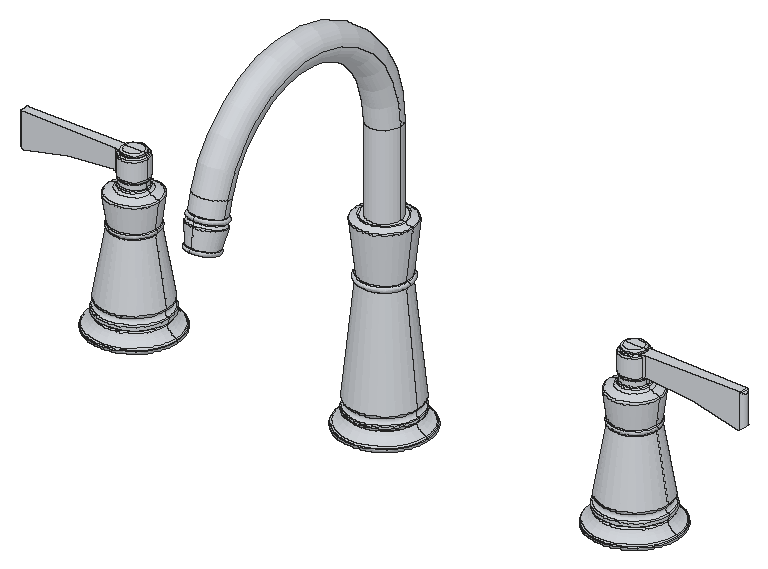
Revit family "Faucet-Deck_Mount-Bath-KOHLER-ARCHER-K-7501T", category Plumbing Fixtures, host Face, Revit 2017
Family settings
  Host = Face
  Round Connector Dimension = Use Diameter
  Part Type = Normal
  OmniClass Number = 23.31.11.00
  OmniClass Title = Faucets
  Cut with Voids When Loaded = No
  Shared = No
  Room Calculation Point = No
Parameters (values of type "CP-Polished Chrome")
  Width [instance] = Faucet Hole Spacing  # 15.74803"
  WaterSense Certified = 1 = 0  # no
  Waste Water Outlet = "Waste Water Outlet"  # constant formula
  Waste Connection = 1 = 0  # no
  Vent Connection = 1 = 0  # no
  URL = "http://www.kohler.com.cn/"
  Type = 1
  Spout Reach = 7.16535"  # constant formula
  Product Page URL = "https://www.kohler.com.cn/product/K-7501T-4-CP/K-7501T-4-CP/"
  Product Name = "ARCHER"  # constant formula
  Product Documentation Link = "https://files.kohler.com.cn/pdfs/7501t_4.pdf"
  Pressure = 60.00 psi  # constant formula
  Model = if(Type = 1, "K-7501T-4-CP", if(Type = 2, "K-7501T-4-AF", if(Type = 3, "K-7501T-4-BN", "NA")))  # "K-7501T-4-CP"
  Material = "Premium Metal Construction"  # constant formula
  Master Format 2014 Name = "Residential Faucets, Supplies, and Trim"  # constant formula
  Master Format 2014 = "22 41 39"  # constant formula
  Manufacturer Address = "Kohler Beijing Office (100016) 36-2-03-B, No. 88, Liuxiang Road, Beijing"  # constant formula
  Manufacturer = "KOHLER Co."  # constant formula
  Length = Spout Reach  # 7.16535"
  Hot Water Inlet = "Hot Water Inlet"  # constant formula
  Height = 12.55906"  # constant formula
  Handle Clearance = 3.54331"  # constant formula
  HW Connection = 1 = 1  # yes
  Flow Rate = 2.2 GPM  # constant formula
  Finish = Kohler-Metal-CP-Polished_Chrome
  Faucet Hole Spacing [instance] = 15.74803"
  Environmental Product Declaration = ""
  Drain Included = 1 = 0  # no
  Description = "Bathtub Faucet"  # constant formula
  Default Elevation = 36"
  Declare Label = ""
  Date Modified = "08/12/2020"  # constant formula
  Date Created = "08/12/2020"  # constant formula
  Copyright = "Copyright KOHLER Co."  # constant formula
  Contact Us = "http://www.kohler.com.cn/contact/contact-us/"
  Cold Water Inlet = "Cold Water Inlet"  # constant formula
  CW Connection = 1 = 1  # yes
  Assembly Code = "D2010"
  ADA Compliant = 1 = 0  # no
Reference planes (in)
  plane 1 "Center (Front/Back)": y = 0
  plane 2: z = 0
  plane 3 "Center (Left/Right)": x = 0
  plane 4: x = -7.87402
  plane 5: x = -11.41732
  plane 6: y = -7.16535
  plane 7: y = 1.35827
  plane 8: x = -1.35827
  plane 9: x = -9.23228
  plane 10: x = -6.51575
  plane 11: x = -0.51317
  plane 12: y = -1.35827
  plane 13: x = 7.87402
  plane 14: x = 11.41732
  plane 15: x = 1.35827
  plane 16: x = 9.23228
  plane 17: x = 6.51575
  plane 18: x = 0.51317
  plane 19: z = 12.55906
  plane 20: z = 8.07087
  plane 21: z = 5.03937
Dimensions and locks (in)
  "Handle Clearance": plane 5 to plane 4
  "Spout Reach": plane 1 "Center (Front/Back)" to plane 6
  "Handle Clearance": plane 13 to plane 14
  plane 20 to host face = 8.07087"
  plane 21 to host face = 5.03937"
  "Height": plane 19 to level
  level to plane 21 = 5.03937"
  plane 20 to level = 8.07087"
  equal spacing: plane 9, plane 4, plane 10
  locked: plane 9 to plane 10 at 2.71654
  equal spacing: plane 17, plane 13, plane 16
  locked: plane 17 to plane 16 at 2.71654
  equal spacing: plane 4, plane 3 "Center (Left/Right)", plane 13
  "Faucet Hole Spacing": plane 4 to plane 13
  aligned and locked: plane 2 to host face
  aligned and locked: level to host face
  aligned and locked: plane 4 to nested 2
  aligned and locked: plane 1 "Center (Front/Back)" to nested 2
  aligned and locked: nested 3 to plane 13
  aligned and locked: nested 3 to plane 1 "Center (Front/Back)"
Automatic sketch dimensions
  host sketch curve to host sketch curve = 96"  (x2)
Nested families (in)
  nested 1: "K-7501T-Spout" at (0, 0, 0), type "K-7501T-Spout"
  nested 2: "K-7501T-Handel" at (-7.87402, 0, 0), type "K-7501T-Handel"
  nested 3: "K-7501T-Handel" at (7.87402, 0, 0) x (-1, 0, 0) z (0, 0, 1), type "K-7501T-Handel"
Connectors (in)
  piping at (-7.87402, 0, 0), diameter 0.5, driven by "HW Connection", driven by "Hot Water Inlet", driven by "Flow Rate", driven by "Pressure"
    settings: on nested 2, index 1, connector inside diameter 24", connector length 0", flow factor 0, pipe flow 2.2 GPM, pressure drop 60.00 psi, fitting loss kfactor 0, connector angle 0.00°, fixture units 0, engagement length 0", angle of deflection 0.00°, flow configuration 1, flow direction 1, fitting loss method 4, system type 19, joint type 0, gender type 0, connector reference index -1, connector utility 1, adjustable connector no, is connector primary yes, connector description "Hot Water Inlet"
  piping at (7.87402, 0, 0), diameter 0.5, driven by "CW Connection", driven by "Cold Water Inlet", driven by "Flow Rate", driven by "Pressure"
    settings: on nested 3, index 2, connector inside diameter 24", connector length 0", flow factor 0, pipe flow 2.2 GPM, pressure drop 60.00 psi, fitting loss kfactor 0, connector angle 0.00°, fixture units 0, engagement length 0", angle of deflection 0.00°, flow configuration 1, flow direction 1, fitting loss method 4, system type 20, joint type 0, gender type 0, connector reference index -1, connector utility 1, adjustable connector no, is connector primary no, connector description "Cold Water Inlet"
Definition of nested family "K-7501T-Spout"
  Parameters (values of type "K-7501T-Faucet")
    Material = none
  Reference planes (in)
    plane 1 "Center (Front/Back)": y = 0
    plane 2: z = 0
    plane 3 "Center (Left/Right)": x = 0
    plane 4: x = -1.35827
    plane 5: x = 1.35827
    plane 6: z = 8.07087
    plane 7: z = 12.55906
    plane 8: y = -7.16535
    plane 9: y = 1.35827
    plane 10: y = -1.35827
    plane 11: through (0, -7.16535, 8.07087) normal (0, -0.9659, 0.2588)
    plane 12: z = 12.04724
    plane 13: x = 0.51317
    plane 14: x = 1.34359
    plane 15: x = 1.30235
    plane 16: x = -0.51317
  Forms (in)
    Revolve 1, solid, material <- "Material", detail levels medium+fine
      sketch origin (0, 0, 0) x (1, 0, 0) y (0, 0, 1)
        loop
          line (0, 5.95571) -> (-0.63377, 5.95571)
          arc (-0.63377, 5.95571) -> (-0.6493, 5.95418) -> (-0.66423, 5.94965) r 0.0796
          line (-0.66423, 5.94965) -> (-0.87089, 5.86405)
          arc (-0.87089, 5.86405) -> (-0.88387, 5.85276) -> (-0.88745, 5.83594) r 0.02711
          line (-0.88745, 5.83594) -> (-0.71527, 4.32298)
          arc (-0.71527, 4.32298) -> (-0.72097, 4.30332) -> (-0.73895, 4.29353) r 0.02658
          arc (-0.73895, 4.29353) -> (-0.79862, 4.22761) -> (-0.73947, 4.16122) r 0.06654
          arc (-0.73947, 4.16122) -> (-0.72089, 4.15101) -> (-0.7149, 4.13068) r 0.02781
          line (-0.7149, 4.13068) -> (-1.06223, 0.82605)
          arc (-1.06223, 0.82605) -> (-1.05938, 0.81046) -> (-1.04855, 0.79889) r 0.02811
          arc (-1.04855, 0.79889) -> (-0.99074, 0.68741) -> (-1.06585, 0.58677) r 0.11826
          arc (-1.06585, 0.58677) -> (-1.07807, 0.57708) -> (-1.08268, 0.56219) r 0.02636
          line (-1.08268, 0.56219) -> (-1.08268, 0.49102)
          arc (-1.08268, 0.49102) -> (-1.07464, 0.47162) -> (-1.05524, 0.46358) r 0.02744
          line (-1.05524, 0.46358) -> (-0.92499, 0.46358)
          arc (-0.92499, 0.46358) -> (-0.94195, 0.43781) -> (-0.9687, 0.42245) r 0.06661
          arc (-0.9687, 0.42245) -> (-0.98458, 0.4143) -> (-0.9964, 0.40093) r 0.04812
          arc (-0.9964, 0.40093) -> (-1.12757, 0.24327) -> (-1.30099, 0.13378) r 0.65641
          arc (-1.30099, 0.13378) -> (-1.32545, 0.11731) -> (-1.34223, 0.09305) r 0.07957
          line (-1.34223, 0.09305) -> (-1.35578, 0.06262)
          arc (-1.35578, 0.06262) -> (-1.35245, 0.02027) -> (-1.31511, 0) r 0.04452
          line (-1.31511, 0) -> (0, 0) -> (0, 5.95571)
        axis (0, 5.95571) -> (0, 0)
      angle from 0 to 360
    Sweep 2, solid, material <- "Material", detail levels medium+fine
      path origin (0, 0, 0) x (0, 1, 0) y (0, 0, 1)
        loop
          line (-6.90907, 9.02735) -> (-6.78526, 9.4894)
          arc (-6.78526, 9.4894) -> (-3.00093, 12.01801) -> (0, 8.59611) r 3.45143
          line (0, 8.59611) -> (0, 5.64335)
      profile origin (0, 0, 7.11973) x (1, 0, 0) y (0, 1, 0)
        loop
          circle (0, 0) r 0.51181
    Revolve 3, solid, material <- "Material", detail levels medium+fine
      sketch origin (0, 0, 0) x (0, 1, 0) y (0, 0, 1)
        loop
          line (-6.90377, 9.04709) -> (-7.16535, 8.07087) -> (-6.72924, 7.95401)
          arc (-6.72924, 7.95401) -> (-6.67363, 7.98236) -> (-6.67968, 8.04449) r 0.05542
          arc (-6.67968, 8.04449) -> (-6.68649, 8.06003) -> (-6.68389, 8.0768) r 0.0304
          line (-6.68389, 8.0768) -> (-6.44303, 8.59334)
          arc (-6.44303, 8.59334) -> (-6.43925, 8.60876) -> (-6.44167, 8.62445) r 0.04068
          line (-6.44167, 8.62445) -> (-6.47655, 8.72028)
          arc (-6.47655, 8.72028) -> (-6.4716, 8.74749) -> (-6.44546, 8.75653) r 0.0274
          arc (-6.44546, 8.75653) -> (-6.38566, 8.79512) -> (-6.42226, 8.85617) r 0.05118
          line (-6.42226, 8.85617) -> (-6.52521, 8.88376) -> (-6.50974, 8.94151) -> (-6.90377, 9.04709)
        axis (-6.90377, 9.04709) -> (-7.16535, 8.07087)
      angle from 0 to 360
    Revolve 4, solid, material <- "Material", detail levels coarse
      sketch origin (0, 0, 0) x (1, 0, 0) y (0, 0, 1)
        loop
          line (0, 0) -> (0, 6.15256) -> (-0.899, 6.15256) -> (-0.79839, 4.23288) -> (-1.08268, 0.82606) -> (-1.08268, 0.47244) -> (-1.35827, 0.19685) -> (-1.35827, 0) -> (0, 0)
        axis (0, 6.15256) -> (0, 0)
      angle from 0 to 360
    Sweep 5, solid, material <- "Material", detail levels coarse
      path origin (0, 0, 0) x (0, 1, 0) y (0, 0, 1)
        loop
          line (0, 5.06438) -> (0, 8.60769)
          arc (0, 8.60769) -> (-2.9996, 12.02808) -> (-6.78226, 9.50059) r 3.44991
          line (-6.78226, 9.50059) -> (-7.16535, 8.07087)
      profile origin (0, -6.97381, 8.78573) x (0, 0.965926, -0.258819) y (1, 0, 0)
        loop
          circle (0, 0) r 0.59055
  Cuts and joins
    joined: Revolve 1, Sweep 2, Revolve 3
    joined: Revolve 4, Sweep 5
  Lines and regions (in)
    Masking region 1
      outline origin (0, 0, 0) x (0, 1, 0) y (0, 0, 1)
        loop
          line (0.92499, 0.46358) -> (1.05524, 0.46358)
          arc (1.05524, 0.46358) -> (1.07464, 0.47162) -> (1.08268, 0.49102) r 0.02744
          line (1.08268, 0.49102) -> (1.08268, 0.56219)
          arc (1.08268, 0.56219) -> (1.07807, 0.57708) -> (1.06585, 0.58677) r 0.02636
          arc (1.06585, 0.58677) -> (0.99074, 0.68741) -> (1.04855, 0.79889) r 0.11826
          arc (1.04855, 0.79889) -> (1.05938, 0.81046) -> (1.06223, 0.82605) r 0.02811
          line (1.06223, 0.82605) -> (0.7149, 4.13068)
          arc (0.7149, 4.13068) -> (0.72089, 4.15101) -> (0.73947, 4.16122) r 0.02781
          arc (0.73947, 4.16122) -> (0.79862, 4.22761) -> (0.73895, 4.29353) r 0.06654
          arc (0.73895, 4.29353) -> (0.72097, 4.30332) -> (0.71527, 4.32298) r 0.02658
          line (0.71527, 4.32298) -> (0.88745, 5.83594)
          arc (0.88745, 5.83594) -> (0.88387, 5.85276) -> (0.87089, 5.86405) r 0.02711
          line (0.87089, 5.86405) -> (0.66423, 5.94965)
          arc (0.66423, 5.94965) -> (0.6493, 5.95418) -> (0.63377, 5.95571) r 0.0796
          line (0.63377, 5.95571) -> (0.51181, 5.95571) -> (0.51181, 8.5974)
          arc (0.51181, 8.5974) -> (-2.93398, 12.52656) -> (-7.2793, 9.62311) r 3.96307
          line (-7.2793, 9.62311) -> (-7.40344, 9.15981) -> (-7.3031, 9.13293) -> (-7.31329, 9.09492) -> (-7.41624, 9.12251)
          arc (-7.41624, 9.12251) -> (-7.47846, 9.08794) -> (-7.44596, 9.02461) r 0.05118
          arc (-7.44596, 9.02461) -> (-7.42785, 9.00372) -> (-7.43717, 8.97768) r 0.0274
          line (-7.43717, 8.97768) -> (-7.51529, 8.91213)
          arc (-7.51529, 8.91213) -> (-7.52523, 8.89975) -> (-7.52967, 8.88451) r 0.04068
          line (-7.52967, 8.88451) -> (-7.57934, 8.31674)
          arc (-7.57934, 8.31674) -> (-7.58548, 8.30092) -> (-7.59915, 8.29086) r 0.0304
          arc (-7.59915, 8.29086) -> (-7.63545, 8.24008) -> (-7.60147, 8.18772) r 0.05542
          line (-7.60147, 8.18772) -> (-7.16535, 8.07087) -> (-6.72924, 7.95401)
          arc (-6.72924, 7.95401) -> (-6.67363, 7.98236) -> (-6.67968, 8.04449) r 0.05542
          arc (-6.67968, 8.04449) -> (-6.68649, 8.06003) -> (-6.68389, 8.0768) r 0.0304
          line (-6.68389, 8.0768) -> (-6.44303, 8.59334)
          arc (-6.44303, 8.59334) -> (-6.43925, 8.60876) -> (-6.44167, 8.62445) r 0.04068
          line (-6.44167, 8.62445) -> (-6.47655, 8.72028)
          arc (-6.47655, 8.72028) -> (-6.4716, 8.74749) -> (-6.44546, 8.75653) r 0.0274
          arc (-6.44546, 8.75653) -> (-6.38566, 8.79512) -> (-6.42226, 8.85617) r 0.05118
          line (-6.42226, 8.85617) -> (-6.52521, 8.88376) -> (-6.51503, 8.92176) -> (-6.41469, 8.89488) -> (-6.2911, 9.35613)
          arc (-6.2911, 9.35613) -> (-3.06783, 11.50986) -> (-0.51181, 8.59528) r 2.93973
          line (-0.51181, 8.59528) -> (-0.51181, 5.95571) -> (-0.63377, 5.95571)
          arc (-0.63377, 5.95571) -> (-0.6493, 5.95418) -> (-0.66423, 5.94965) r 0.0796
          line (-0.66423, 5.94965) -> (-0.87089, 5.86405)
          arc (-0.87089, 5.86405) -> (-0.88387, 5.85276) -> (-0.88745, 5.83594) r 0.02711
          line (-0.88745, 5.83594) -> (-0.71527, 4.32298)
          arc (-0.71527, 4.32298) -> (-0.72097, 4.30332) -> (-0.73895, 4.29353) r 0.02658
          arc (-0.73895, 4.29353) -> (-0.79862, 4.22761) -> (-0.73947, 4.16122) r 0.06654
          arc (-0.73947, 4.16122) -> (-0.72089, 4.15101) -> (-0.7149, 4.13068) r 0.02781
          line (-0.7149, 4.13068) -> (-1.06223, 0.82605)
          arc (-1.06223, 0.82605) -> (-1.05938, 0.81046) -> (-1.04855, 0.79889) r 0.02811
          arc (-1.04855, 0.79889) -> (-0.99074, 0.68741) -> (-1.06585, 0.58677) r 0.11826
          arc (-1.06585, 0.58677) -> (-1.07807, 0.57708) -> (-1.08268, 0.56219) r 0.02636
          line (-1.08268, 0.56219) -> (-1.08268, 0.49102)
          arc (-1.08268, 0.49102) -> (-1.07464, 0.47162) -> (-1.05524, 0.46358) r 0.02744
          line (-1.05524, 0.46358) -> (-0.92499, 0.46358)
          arc (-0.92499, 0.46358) -> (-0.94195, 0.43781) -> (-0.9687, 0.42245) r 0.06661
          arc (-0.9687, 0.42245) -> (-0.98458, 0.4143) -> (-0.9964, 0.40093) r 0.04812
          arc (-0.9964, 0.40093) -> (-1.12757, 0.24327) -> (-1.30099, 0.13378) r 0.65641
          arc (-1.30099, 0.13378) -> (-1.32545, 0.11731) -> (-1.34223, 0.09305) r 0.07957
          line (-1.34223, 0.09305) -> (-1.35578, 0.06262)
          arc (-1.35578, 0.06262) -> (-1.35245, 0.02027) -> (-1.31511, 0) r 0.04452
          line (-1.31511, 0) -> (0, 0) -> (1.31511, 0)
          arc (1.31511, 0) -> (1.35245, 0.02027) -> (1.35578, 0.06262) r 0.04452
          line (1.35578, 0.06262) -> (1.34223, 0.09305)
          arc (1.34223, 0.09305) -> (1.32545, 0.11731) -> (1.30099, 0.13378) r 0.07957
          arc (1.30099, 0.13378) -> (1.12757, 0.24327) -> (0.9964, 0.40093) r 0.65641
          arc (0.9964, 0.40093) -> (0.98458, 0.4143) -> (0.9687, 0.42245) r 0.04812
          arc (0.9687, 0.42245) -> (0.94195, 0.43781) -> (0.92499, 0.46358) r 0.06661
    Masking region 2
      outline origin (-0.00136, 0, 0) x (1, 0, 0) y (0, 0, 1)
        loop
          arc (-0.92362, 0.46358) -> (-0.94059, 0.43781) -> (-0.96734, 0.42245) r 0.06661
          arc (-0.96734, 0.42245) -> (-0.98322, 0.4143) -> (-0.99504, 0.40093) r 0.04812
          arc (-0.99504, 0.40093) -> (-1.1262, 0.24327) -> (-1.29962, 0.13378) r 0.65641
          arc (-1.29962, 0.13378) -> (-1.32409, 0.11731) -> (-1.34087, 0.09305) r 0.07957
          line (-1.34087, 0.09305) -> (-1.35442, 0.06262)
          arc (-1.35442, 0.06262) -> (-1.35109, 0.02027) -> (-1.31375, 0) r 0.04452
          line (-1.31375, 0) -> (0.00136, 0) -> (1.31648, 0)
          arc (1.31648, 0) -> (1.35381, 0.02027) -> (1.35714, 0.06262) r 0.04452
          line (1.35714, 0.06262) -> (1.34359, 0.09305)
          arc (1.34359, 0.09305) -> (1.32681, 0.11731) -> (1.30235, 0.13378) r 0.07957
          arc (1.30235, 0.13378) -> (1.12893, 0.24327) -> (0.99776, 0.40093) r 0.65641
          arc (0.99776, 0.40093) -> (0.98594, 0.4143) -> (0.97006, 0.42245) r 0.04812
          arc (0.97006, 0.42245) -> (0.94331, 0.43781) -> (0.92635, 0.46358) r 0.06661
          line (0.92635, 0.46358) -> (1.0566, 0.46358)
          arc (1.0566, 0.46358) -> (1.076, 0.47162) -> (1.08404, 0.49102) r 0.02744
          line (1.08404, 0.49102) -> (1.08404, 0.56219)
          arc (1.08404, 0.56219) -> (1.07943, 0.57708) -> (1.06721, 0.58677) r 0.02636
          arc (1.06721, 0.58677) -> (0.9921, 0.68741) -> (1.04991, 0.79889) r 0.11826
          arc (1.04991, 0.79889) -> (1.06074, 0.81046) -> (1.06359, 0.82605) r 0.02811
          line (1.06359, 0.82605) -> (0.71626, 4.13068)
          arc (0.71626, 4.13068) -> (0.72225, 4.15101) -> (0.74083, 4.16122) r 0.02781
          arc (0.74083, 4.16122) -> (0.79999, 4.22761) -> (0.74031, 4.29353) r 0.06654
          arc (0.74031, 4.29353) -> (0.72233, 4.30332) -> (0.71664, 4.32298) r 0.02658
          line (0.71664, 4.32298) -> (0.88881, 5.83594)
          arc (0.88881, 5.83594) -> (0.88523, 5.85276) -> (0.87225, 5.86405) r 0.02711
          line (0.87225, 5.86405) -> (0.6656, 5.94965)
          arc (0.6656, 5.94965) -> (0.65066, 5.95418) -> (0.63513, 5.95571) r 0.0796
          line (0.63513, 5.95571) -> (0.51317, 5.95571) -> (0.51317, 8.16726)
          arc (0.51317, 8.16726) -> (0.51969, 8.19248) -> (0.51317, 8.21771) r 0.05205
          line (0.51317, 8.21771) -> (0.51317, 8.46623) -> (0.56168, 8.73123)
          arc (0.56168, 8.73123) -> (0.56101, 8.76273) -> (0.54799, 8.79143) r 0.0784
          line (0.54799, 8.79143) -> (0.51045, 8.8431)
          arc (0.51045, 8.8431) -> (0.56628, 8.93378) -> (0.51317, 9.02609) r 0.10408
          line (0.51317, 9.02609) -> (0.51317, 12.04744)
          arc (0.51317, 12.04744) -> (0.00136, 12.55925) -> (-0.51045, 12.04744) r 0.51181
          line (-0.51045, 12.04744) -> (-0.51045, 9.02756)
          arc (-0.51045, 9.02756) -> (-0.56629, 8.93533) -> (-0.51045, 8.8431) r 0.10408
          line (-0.51045, 8.8431) -> (-0.54799, 8.79143)
          arc (-0.54799, 8.79143) -> (-0.56101, 8.76273) -> (-0.56168, 8.73123) r 0.0784
          line (-0.56168, 8.73123) -> (-0.51045, 8.45135) -> (-0.51045, 8.21771)
          arc (-0.51045, 8.21771) -> (-0.51697, 8.19248) -> (-0.51045, 8.16726) r 0.05205
          line (-0.51045, 8.16726) -> (-0.51045, 5.95571) -> (-0.63241, 5.95571)
          arc (-0.63241, 5.95571) -> (-0.64794, 5.95418) -> (-0.66287, 5.94965) r 0.0796
          line (-0.66287, 5.94965) -> (-0.86953, 5.86405)
          arc (-0.86953, 5.86405) -> (-0.88251, 5.85276) -> (-0.88609, 5.83594) r 0.02711
          line (-0.88609, 5.83594) -> (-0.71391, 4.32298)
          arc (-0.71391, 4.32298) -> (-0.71961, 4.30332) -> (-0.73758, 4.29353) r 0.02658
          arc (-0.73758, 4.29353) -> (-0.79726, 4.22761) -> (-0.73811, 4.16122) r 0.06654
          arc (-0.73811, 4.16122) -> (-0.71953, 4.15101) -> (-0.71354, 4.13068) r 0.02781
          line (-0.71354, 4.13068) -> (-1.06087, 0.82605)
          arc (-1.06087, 0.82605) -> (-1.05802, 0.81046) -> (-1.04719, 0.79889) r 0.02811
          arc (-1.04719, 0.79889) -> (-0.98938, 0.68741) -> (-1.06449, 0.58677) r 0.11826
          arc (-1.06449, 0.58677) -> (-1.07671, 0.57708) -> (-1.08132, 0.56219) r 0.02636
          line (-1.08132, 0.56219) -> (-1.08132, 0.49102)
          arc (-1.08132, 0.49102) -> (-1.07328, 0.47162) -> (-1.05388, 0.46358) r 0.02744
          line (-1.05388, 0.46358) -> (-0.92362, 0.46358)
    Masking region 3
      outline origin (0, 0, 0) x (1, 0, 0) y (0, 1, 0)
        loop
          arc (0.51317, -1.2576) -> (0, 1.35827) -> (-0.51317, -1.2576) r 1.35827
          line (-0.51317, -1.2576) -> (-0.51317, -6.7041)
          arc (-0.51317, -6.7041) -> (-0.56761, -6.97186) -> (-0.49918, -7.23639) r 0.60742
          arc (-0.49918, -7.23639) -> (0, -7.63053) -> (0.49918, -7.23639) r 0.51317
          arc (0.49918, -7.23639) -> (0.56761, -6.97186) -> (0.51317, -6.7041) r 0.60742
          line (0.51317, -6.7041) -> (0.51317, -1.2576)
    symbolic lines, detail levels medium+fine
      curve 1: line (0, 1.35578, 0.06262) -> (0, -1.35578, 0.06262)
      curve 2: line (0, -1.34223, 0.09305) -> (0, 1.34223, 0.09305)
      curve 3: line (0, 1.30099, 0.13378) -> (0, -1.30099, 0.13378)
      curve 4: line (0, -0.9964, 0.40093) -> (0, 0.9964, 0.40093)
      curve 5: line (0, 0.9687, 0.42245) -> (0, -0.9687, 0.42245)
      curve 6: line (0, -0.92499, 0.46358) -> (0, 0.92499, 0.46358)
      curve 7: line (0, 1.08268, 0.56219) -> (0, -1.08268, 0.56219)
      curve 8: line (0, -1.06585, 0.58677) -> (0, 1.06585, 0.58677)
      curve 9: line (0, 1.04855, 0.79889) -> (0, -1.04855, 0.79889)
      curve 10: line (0, 1.06223, 0.82605) -> (0, -1.06223, 0.82605)
      curve 11: line (0, -0.7149, 4.13068) -> (0, 0.7149, 4.13068)
      curve 12: line (0, 0.73947, 4.16122) -> (0, -0.73947, 4.16122)
      curve 13: line (0, -0.73895, 4.29353) -> (0, 0.73895, 4.29353)
      curve 14: line (0, 0.71527, 4.32298) -> (0, -0.71527, 4.32298)
      curve 15: line (0, 0.88745, 5.83594) -> (0, -0.88745, 5.83594)
      curve 16: line (0, 0.87089, 5.86405) -> (0, -0.87089, 5.86405)
      curve 17: line (0, -0.66423, 5.94965) -> (0, 0.66423, 5.94965)
      curve 18: line (0, 0.51181, 5.95571) -> (0, -0.51181, 5.95571)
      curve 19: line (0, -6.67968, 8.04449) -> (0, -7.59915, 8.29086)
      curve 20: line (0, -7.57934, 8.31674) -> (0, -6.68389, 8.0768)
      curve 21: line (0, -6.44303, 8.59334) -> (0, -7.52967, 8.88451)
      curve 22: line (0, -7.51529, 8.91213) -> (0, -6.44167, 8.62445)
      curve 23: line (0, -6.47655, 8.72028) -> (0, -7.43717, 8.97768)
      curve 24: line (0, -7.44596, 9.02461) -> (0, -6.44875, 8.7573)
      curve 25: line (0, -6.52521, 8.88376) -> (0, -7.32283, 9.09757)
      curve 26: line (0, -6.51503, 8.92176) -> (0, -7.3031, 9.13293)
      curve 27: line (-1.35442, 0, 0.06262) -> (1.35714, 0, 0.06262)
      curve 28: line (1.34359, 0, 0.09305) -> (-1.34087, 0, 0.09305)
      curve 29: line (-1.29962, 0, 0.13378) -> (1.30235, 0, 0.13378)
      curve 30: line (0.99776, 0, 0.40093) -> (-0.99504, 0, 0.40093)
      curve 31: line (-0.96734, 0, 0.42245) -> (0.97006, 0, 0.42245)
      curve 32: line (0.92499, 0, 0.46358) -> (-0.92362, 0, 0.46358)
      curve 33: line (-1.08132, 0, 0.56219) -> (1.08404, 0, 0.56219)
      curve 34: line (1.06721, 0, 0.58677) -> (-1.06449, 0, 0.58677)
      curve 35: line (-1.04719, 0, 0.79889) -> (1.04991, 0, 0.79889)
      curve 36: line (-1.06087, 0, 0.82605) -> (1.06359, 0, 0.82605)
      curve 37: line (-0.71354, 0, 4.13068) -> (0.71626, 0, 4.13068)
      curve 38: line (0.74083, 0, 4.16122) -> (-0.73811, 0, 4.16122)
      curve 39: line (-0.73758, 0, 4.29353) -> (0.74031, 0, 4.29353)
      curve 40: line (0.71664, 0, 4.32298) -> (-0.71391, 0, 4.32298)
      curve 41: line (-0.88609, 0, 5.83594) -> (0.88881, 0, 5.83594)
      curve 42: line (0.87225, 0, 5.86405) -> (-0.86953, 0, 5.86405)
      curve 43: line (-0.66287, 0, 5.94965) -> (0.6656, 0, 5.94965)
      curve 44: line (-0.51181, 0, 5.95571) -> (0.51297, 0, 5.95571)
      curve 45: spline (0, 0, 8.18772) -> (-0.11686, 0, 8.18374) -> (-0.22575, 0, 8.17207) -> (-0.31926, 0, 8.1535) -> (-0.39101, 0, 8.12929) -> (-0.43612, 0, 8.10111) -> (-0.4515, 0, 8.07087) -> (-0.43612, 0, 8.04062) -> (-0.39101, 0, 8.01244) -> (-0.31926, 0, 7.98824) -> (-0.22575, 0, 7.96966) -> (-0.11686, 0, 7.95799) -> (0, 0, 7.95401)
      curve 46: spline (0.39284, 0, 8.01326) -> (0.47703, 0, 8.05946) -> (0.49159, 0, 8.11085) -> (0.43442, 0, 8.16) -> (0.31379, 0, 8.19981) -> (0.14711, 0, 8.22454) -> (-0.04154, 0, 8.23059) -> (-0.22488, 0, 8.21712) -> (-0.37645, 0, 8.18605) -> (-0.47433, 0, 8.14188) -> (-0.50439, 0, 8.09099) -> (-0.46228, 0, 8.04073) -> (-0.3541, 0, 7.99836)
      curve 47: spline (0, 0, 8.18772) -> (0.11686, 0, 8.18374) -> (0.22575, 0, 8.17207) -> (0.31926, 0, 8.1535) -> (0.39101, 0, 8.12929) -> (0.43612, 0, 8.10111) -> (0.4515, 0, 8.07087) -> (0.43612, 0, 8.04062) -> (0.39101, 0, 8.01244) -> (0.31926, 0, 7.98824) -> (0.22575, 0, 7.96966) -> (0.11686, 0, 7.95799) -> (0, 0, 7.95401)
      curve 48: spline (0.56168, 0, 8.73123) -> (0.54254, 0, 8.74448) -> (0.48643, 0, 8.75682) -> (0.39717, 0, 8.76742) -> (0.28084, 0, 8.77555) -> (0.14537, 0, 8.78067) -> (0, 0, 8.78241) -> (-0.14537, 0, 8.78067) -> (-0.28084, 0, 8.77555) -> (-0.39717, 0, 8.76742) -> (-0.48643, 0, 8.75682) -> (-0.54254, 0, 8.74448) -> (-0.56168, 0, 8.73123)
      curve 49: spline (0.54799, 0, 8.79143) -> (0.52931, 0, 8.8048) -> (0.47457, 0, 8.81727) -> (0.38749, 0, 8.82797) -> (0.27399, 0, 8.83618) -> (0.14183, 0, 8.84134) -> (0, 0, 8.8431) -> (-0.14183, 0, 8.84134) -> (-0.27399, 0, 8.83618) -> (-0.38749, 0, 8.82797) -> (-0.47457, 0, 8.81727) -> (-0.52931, 0, 8.8048) -> (-0.54799, 0, 8.79143)
      curve 50: spline (0.51045, 0, 8.8431) -> (0.49305, 0, 8.85585) -> (0.44206, 0, 8.86773) -> (0.36094, 0, 8.87793) -> (0.25522, 0, 8.88575) -> (0.13211, 0, 8.89067) -> (0, 0, 8.89235) -> (-0.13211, 0, 8.89067) -> (-0.25522, 0, 8.88575) -> (-0.36094, 0, 8.87793) -> (-0.44206, 0, 8.86773) -> (-0.49305, 0, 8.85585) -> (-0.51045, 0, 8.8431)
      curve 51: spline (0.56629, 0, 8.93533) -> (0.547, 0, 8.94849) -> (0.49042, 0, 8.96075) -> (0.40043, 0, 8.97128) -> (0.28315, 0, 8.97936) -> (0.14657, 0, 8.98444) -> (0, 0, 8.98617) -> (-0.14657, 0, 8.98444) -> (-0.28315, 0, 8.97936) -> (-0.40043, 0, 8.97128) -> (-0.49042, 0, 8.96075) -> (-0.547, 0, 8.94849) -> (-0.56629, 0, 8.93533)
      curve 52: spline (0.51181, 0, 9.02735) -> (0.49437, 0, 9.04048) -> (0.44324, 0, 9.05271) -> (0.36191, 0, 9.06322) -> (0.25591, 0, 9.07129) -> (0.13247, 0, 9.07635) -> (0, 0, 9.07808) -> (-0.13247, 0, 9.07635) -> (-0.25591, 0, 9.07129) -> (-0.36191, 0, 9.06322) -> (-0.44324, 0, 9.05271) -> (-0.49437, 0, 9.04048) -> (-0.51181, 0, 9.02735)
      curve 53: spline (0.51181, 0, 9.02735) -> (0.49437, 0, 9.04484) -> (0.44324, 0, 9.06113) -> (0.36191, 0, 9.07513) -> (0.25591, 0, 9.08587) -> (0.13247, 0, 9.09262) -> (0, 0, 9.09492) -> (-0.13247, 0, 9.09262) -> (-0.25591, 0, 9.08587) -> (-0.36191, 0, 9.07513) -> (-0.44324, 0, 9.06113) -> (-0.49437, 0, 9.04484) -> (-0.51181, 0, 9.02735)
      curve 54: arc (0.51181, 0, 0) -> (0, 0.51181, 0) -> (-0.51181, 0, 0) r 0.51181
      curve 55: arc (0.51317, -0.42388, 0) -> (0, 0.6656, 0) -> (-0.51317, -0.42388, 0) r 0.6656
      curve 56: arc (0.51317, -0.70532, 0) -> (0, 0.87225, 0) -> (-0.51317, -0.70532, 0) r 0.87225
      curve 57: arc (0.51317, -0.7257, 0) -> (0, 0.88881, 0) -> (-0.51317, -0.7257, 0) r 0.88881
      curve 58: arc (0.51317, -1.19698, 0) -> (0, 1.30235, 0) -> (-0.51317, -1.19698, 0) r 1.30235
      curve 59: arc (0.51317, -1.24173, 0) -> (0, 1.34359, 0) -> (-0.51317, -1.24173, 0) r 1.34359
      curve 60: arc (-0.51317, -6.85382, 0) -> (0, -7.36699, 0) -> (0.51317, -6.85382, 0) r 0.51317
      curve 61: line (-0.51317, -6.85382, 0) -> (-0.51317, -6.7041, 0)
      curve 62: line (0.51317, -6.85382, 0) -> (0.51317, -6.7041, 0)
      curve 63: arc (-0.49918, -7.23639, 0) -> (0, -7.54035, 0) -> (0.49918, -7.23639, 0) r 0.56186
      curve 64: arc (-0.56494, -7.01491, 0) -> (0, -7.46566, 0) -> (0.56494, -7.01491, 0) r 0.57941
      curve 65: spline (0.51181, 0, 8.21771) -> (0.49437, 0, 8.24879) -> (0.44324, 0, 8.27775) -> (0.3619, 0, 8.30262) -> (0.2559, 0, 8.3217) -> (0.13247, 0, 8.3337) -> (0, 0, 8.33779) -> (-0.13247, 0, 8.3337) -> (-0.2559, 0, 8.3217) -> (-0.3619, 0, 8.30262) -> (-0.44324, 0, 8.27775) -> (-0.49437, 0, 8.24879) -> (-0.51181, 0, 8.21771)
      curve 66: spline (0.51181, 0, 8.16726) -> (0.49437, 0, 8.19833) -> (0.44324, 0, 8.22729) -> (0.3619, 0, 8.25216) -> (0.2559, 0, 8.27125) -> (0.13247, 0, 8.28324) -> (0, 0, 8.28733) -> (-0.13247, 0, 8.28324) -> (-0.2559, 0, 8.27125) -> (-0.3619, 0, 8.25216) -> (-0.44324, 0, 8.22729) -> (-0.49437, 0, 8.19833) -> (-0.51181, 0, 8.16726)
      curve 67: line (-0.51317, -1.24173, 0) -> (-0.51317, 0, 0)
      curve 68: line (0.51317, -1.24173, 0) -> (0.51317, 0, 0)
      curve 69: line (-0.51181, 0, 8.16726) -> (-0.50315, 0, 8.08487)
      curve 70: line (0.51181, 0, 8.16726) -> (0.49482, 0, 8.09368)
  Dimensions and locks (in)
    locked: plane 7 to level at 12.55906
    locked: plane 1 "Center (Front/Back)" to plane 8 at 7.16535
    locked: plane 6 to level at 8.07087
    angle plane 8 to plane 11 = 15.00°
    aligned and locked: plane 2 to level
Definition of nested family "K-7501T-Handel"
  Parameters (values of type "K-7501T-Handel")
    Material = none
  Reference planes (in)
    plane 1 "Center (Front/Back)": y = 0
    plane 2: z = 0
    plane 3 "Center (Left/Right)": x = 0
    plane 4: x = -1.35827
    plane 5: z = 5.03937
    plane 6: x = -3.54331
    plane 7: x = 1.35827
  Forms (in)
    Revolve 1, solid, material <- "Material", detail levels medium+fine
      sketch origin (0, 0, 0) x (1, 0, 0) y (0, 0, 1)
        loop
          line (0, 0) -> (0, 5.03937) -> (-0.28858, 5.03937)
          arc (-0.28858, 5.03937) -> (-0.32333, 5.02605) -> (-0.34027, 4.99293) r 0.05198
          arc (-0.34027, 4.99293) -> (-0.33915, 4.97536) -> (-0.33224, 4.95918) r 0.05198
          arc (-0.33224, 4.95918) -> (-0.35383, 4.95769) -> (-0.37232, 4.94645) r 0.04571
          line (-0.37232, 4.94645) -> (-0.41084, 4.90793)
          arc (-0.41084, 4.90793) -> (-0.42329, 4.88929) -> (-0.42766, 4.86731) r 0.05744
          line (-0.42766, 4.86731) -> (-0.42766, 4.30229)
          arc (-0.42766, 4.30229) -> (-0.42327, 4.28183) -> (-0.4119, 4.26426) r 0.05793
          arc (-0.4119, 4.26426) -> (-0.40066, 4.24662) -> (-0.39673, 4.22607) r 0.05566
          line (-0.39673, 4.22607) -> (-0.39673, 4.07702)
          arc (-0.39673, 4.07702) -> (-0.40147, 4.05331) -> (-0.41697, 4.03477) r 0.04895
          arc (-0.41697, 4.03477) -> (-0.42895, 4.02332) -> (-0.43738, 4.00905) r 0.0605
          arc (-0.43738, 4.00905) -> (-0.46782, 3.96354) -> (-0.51317, 3.93286) r 0.14251
          line (-0.51317, 3.93286) -> (-0.76791, 3.82474)
          arc (-0.76791, 3.82474) -> (-0.78774, 3.80703) -> (-0.7927, 3.78092) r 0.04135
          line (-0.7927, 3.78092) -> (-0.68415, 3.00861)
          arc (-0.68415, 3.00861) -> (-0.68732, 2.98641) -> (-0.70184, 2.96932) r 0.04039
          arc (-0.70184, 2.96932) -> (-0.72451, 2.92776) -> (-0.70293, 2.88562) r 0.05065
          arc (-0.70293, 2.88562) -> (-0.68923, 2.86854) -> (-0.68685, 2.84677) r 0.03913
          line (-0.68685, 2.84677) -> (-1.03474, 0.87378)
          arc (-1.03474, 0.87378) -> (-1.03227, 0.85149) -> (-1.01818, 0.83406) r 0.0399
          arc (-1.01818, 0.83406) -> (-0.97279, 0.72574) -> (-1.05189, 0.63893) r 0.10918
          arc (-1.05189, 0.63893) -> (-1.07293, 0.62482) -> (-1.08105, 0.60084) r 0.03945
          line (-1.08105, 0.60084) -> (-1.08105, 0.51181) -> (-0.87519, 0.51181) -> (-0.91438, 0.44394)
          arc (-0.91438, 0.44394) -> (-0.9281, 0.43022) -> (-0.94684, 0.4252) r 0.03748
          line (-0.94684, 0.4252) -> (-1.00034, 0.4252)
          arc (-1.00034, 0.4252) -> (-1.02051, 0.41945) -> (-1.03463, 0.40392) r 0.03828
          arc (-1.03463, 0.40392) -> (-1.15085, 0.2421) -> (-1.31267, 0.12588) r 0.61552
          arc (-1.31267, 0.12588) -> (-1.32933, 0.11332) -> (-1.34028, 0.09556) r 0.05641
          line (-1.34028, 0.09556) -> (-1.35471, 0.05797)
          arc (-1.35471, 0.05797) -> (-1.35004, 0.0185) -> (-1.31487, 0) r 0.04268
          line (-1.31487, 0) -> (0, 0)
        axis (0, 5.03937) -> (0, 0)
      angle from 0 to 360
    Extrusion 2, solid, material <- "Material", detail levels medium+fine
      sketch origin (0, 0, 0) x (1, 0, 0) y (0, 0, 1)
        loop
          line (-3.54599, 4.84568) -> (-3.54599, 4.02886)
          arc (-3.54599, 4.02886) -> (-3.54015, 4.00456) -> (-3.52393, 3.98556) r 0.05352
          line (-3.52393, 3.98556) -> (-3.39563, 3.89235)
          arc (-3.39563, 3.89235) -> (-3.37373, 3.88317) -> (-3.35004, 3.88473) r 0.05175
          arc (-3.35004, 3.88473) -> (-1.94129, 4.21502) -> (-0.50101, 4.35384) r 10.78971
          arc (-0.50101, 4.35384) -> (-0.3879, 4.31293) -> (-0.33326, 4.20579) r 0.16375
          line (-0.33326, 4.20579) -> (-0.17121, 4.20579) -> (-0.17121, 4.95918) -> (-3.43255, 4.95918)
          arc (-3.43255, 4.95918) -> (-3.45333, 4.95504) -> (-3.47094, 4.94327) r 0.05429
          line (-3.47094, 4.94327) -> (-3.53005, 4.88417)
          arc (-3.53005, 4.88417) -> (-3.54185, 4.86651) -> (-3.54599, 4.84568) r 0.05443
      from -0.4327 to 0.5563
    Extrusion 3, void
      sketch origin (0, 0, 0) x (1, 0, 0) y (0, 1, 0)
        loop
          arc (-3.40854, 0.13288) -> (-3.53857, 0.00059) -> (-3.40859, -0.13175) r 0.13234
          line (-3.40859, -0.13175) -> (-0.46091, -0.18433)
          arc (-0.46091, -0.18433) -> (-0.28363, -0.21847) -> (-0.12839, -0.31065) r 0.52501
          arc (-0.12839, -0.31065) -> (0.3322, 0.00367) -> (-0.13908, 0.30173) r 0.33363
          arc (-0.13908, 0.30173) -> (-0.29015, 0.21604) -> (-0.46091, 0.18433) r 0.52501
          line (-0.46091, 0.18433) -> (-3.40854, 0.13288)
        loop
          line (-3.99042, 0.79379) -> (-3.99042, -0.72868) -> (0.48475, -0.72868) -> (0.48475, 0.79379) -> (-3.99042, 0.79379)
      from 3.47407 to 5.56735
    Revolve 4, solid, material <- "Material", detail levels coarse
      sketch origin (0, 0, 0) x (1, 0, 0) y (0, 0, 1)
        loop
          line (0, -0.00072) -> (0, 5.03937) -> (-0.52987, 5.03937) -> (-0.52987, 4.10089) -> (-0.65562, 4.10089) -> (-0.87591, 3.77721) -> (-0.87591, 2.92382) -> (-1.08178, 0.60012) -> (-1.39058, 0.14638) -> (-1.39058, -0.00072) -> (0, -0.00072)
        axis (0, 5.03937) -> (0, -0.00072)
      angle from 0 to 360
    Extrusion 5, solid, material <- "Material", detail levels coarse
      sketch origin (0, 0, 0) x (1, 0, 0) y (0, 0, 1)
        loop
          line (-3.54331, 4.95918) -> (-3.54331, 3.72278)
          arc (-3.54331, 3.72278) -> (-2.03054, 4.15615) -> (-0.46372, 4.30229) r 8.47244
          line (-0.46372, 4.30229) -> (0.00059, 4.30229) -> (0.00059, 4.95918) -> (-3.54331, 4.95918)
      from -0.19164 to 0.19164
    Extrusion 6, solid, detail levels medium+fine
      sketch origin (0, 0, 0) x (1, 0, 0) y (0, 1, 0)
        loop
          circle (0, 0) r 0.25
      from 0 to 0.14638
  Cuts and joins
    Extrusion 3 cuts Extrusion 2
    joined: Revolve 1, Extrusion 2
    joined: Revolve 4, Extrusion 5
  Lines and regions (in)
    Masking region 1
      outline origin (0, 0, 0) x (1, 0, 0) y (0, 1, 0)
        loop
          arc (-3.40854, 0.13288) -> (-3.53857, 0.00057) -> (-3.40854, -0.13175) r 0.13234
          line (-3.40854, -0.13175) -> (-1.34787, -0.16772)
          arc (-1.34787, -0.16772) -> (1.35827, -0.00057) -> (-1.34773, 0.16885) r 1.35827
          line (-1.34773, 0.16885) -> (-3.40854, 0.13288)
    Masking region 2
      outline origin (0, 0, 0) x (1, 0, 0) y (0, 0, 1)
        loop
          line (-0.94756, 0.42447) -> (-1.00106, 0.42447)
          arc (-1.00106, 0.42447) -> (-1.02124, 0.41872) -> (-1.03535, 0.4032) r 0.03828
          arc (-1.03535, 0.4032) -> (-1.15157, 0.24138) -> (-1.3134, 0.12516) r 0.61552
          arc (-1.3134, 0.12516) -> (-1.33005, 0.1126) -> (-1.341, 0.09483) r 0.05641
          line (-1.341, 0.09483) -> (-1.35543, 0.05724)
          arc (-1.35543, 0.05724) -> (-1.35076, 0.01778) -> (-1.31559, -0.00072) r 0.04268
          line (-1.31559, -0.00072) -> (1.31559, -0.00072)
          arc (1.31559, -0.00072) -> (1.35076, 0.01778) -> (1.35543, 0.05724) r 0.04268
          line (1.35543, 0.05724) -> (1.341, 0.09483)
          arc (1.341, 0.09483) -> (1.33005, 0.1126) -> (1.3134, 0.12516) r 0.05641
          arc (1.3134, 0.12516) -> (1.15157, 0.24138) -> (1.03535, 0.4032) r 0.61552
          arc (1.03535, 0.4032) -> (1.02124, 0.41872) -> (1.00106, 0.42447) r 0.03828
          line (1.00106, 0.42447) -> (0.94756, 0.42447)
          arc (0.94756, 0.42447) -> (0.92882, 0.42949) -> (0.9151, 0.44321) r 0.03748
          line (0.9151, 0.44321) -> (0.87591, 0.51109) -> (1.08178, 0.51109) -> (1.08178, 0.60012)
          arc (1.08178, 0.60012) -> (1.07365, 0.6241) -> (1.05262, 0.6382) r 0.03945
          arc (1.05262, 0.6382) -> (0.97352, 0.72501) -> (1.0189, 0.83333) r 0.10918
          arc (1.0189, 0.83333) -> (1.033, 0.85077) -> (1.03546, 0.87306) r 0.0399
          line (1.03546, 0.87306) -> (0.68757, 2.84605)
          arc (0.68757, 2.84605) -> (0.68995, 2.86781) -> (0.70365, 2.88489) r 0.03913
          arc (0.70365, 2.88489) -> (0.72523, 2.92703) -> (0.70256, 2.9686) r 0.05065
          arc (0.70256, 2.9686) -> (0.68804, 2.98568) -> (0.68488, 3.00788) r 0.04039
          line (0.68488, 3.00788) -> (0.79342, 3.78019)
          arc (0.79342, 3.78019) -> (0.78846, 3.80631) -> (0.76863, 3.82401) r 0.04135
          line (0.76863, 3.82401) -> (0.5139, 3.93214)
          arc (0.5139, 3.93214) -> (0.46854, 3.96282) -> (0.43811, 4.00833) r 0.14251
          arc (0.43811, 4.00833) -> (0.42968, 4.0226) -> (0.41769, 4.03405) r 0.0605
          arc (0.41769, 4.03405) -> (0.40219, 4.05259) -> (0.39745, 4.07629) r 0.04895
          line (0.39745, 4.07629) -> (0.39745, 4.22535)
          arc (0.39745, 4.22535) -> (0.40138, 4.2459) -> (0.41262, 4.26354) r 0.05566
          arc (0.41262, 4.26354) -> (0.424, 4.2811) -> (0.42839, 4.30156) r 0.05793
          line (0.42839, 4.30156) -> (0.42839, 4.86659)
          arc (0.42839, 4.86659) -> (0.42402, 4.88857) -> (0.41157, 4.9072) r 0.05744
          line (0.41157, 4.9072) -> (0.37304, 4.94573)
          arc (0.37304, 4.94573) -> (0.35456, 4.95697) -> (0.33297, 4.95845) r 0.04571
          arc (0.33297, 4.95845) -> (0.33988, 4.97464) -> (0.34099, 4.9922) r 0.05198
          arc (0.34099, 4.9922) -> (0.32405, 5.02533) -> (0.2893, 5.03865) r 0.05198
          line (0.2893, 5.03865) -> (-0.2893, 5.03865)
          arc (-0.2893, 5.03865) -> (-0.32405, 5.02533) -> (-0.34099, 4.9922) r 0.05198
          arc (-0.34099, 4.9922) -> (-0.33998, 4.97506) -> (-0.33343, 4.95918) r 0.05198
          line (-0.33343, 4.95918) -> (-3.45029, 4.95918)
          arc (-3.45029, 4.95918) -> (-3.46871, 4.95551) -> (-3.48432, 4.94508) r 0.04813
          line (-3.48432, 4.94508) -> (-3.52848, 4.90092)
          arc (-3.52848, 4.90092) -> (-3.53945, 4.8845) -> (-3.54331, 4.86513) r 0.05061
          line (-3.54331, 4.86513) -> (-3.54331, 3.97409)
          arc (-3.54331, 3.97409) -> (-3.53813, 3.95169) -> (-3.52366, 3.93382) r 0.05111
          line (-3.52366, 3.93382) -> (-3.42932, 3.8601)
          arc (-3.42932, 3.8601) -> (-2.01807, 4.20209) -> (-0.57369, 4.35149) r 10.78971
          arc (-0.57369, 4.35149) -> (-0.50141, 4.3338) -> (-0.44911, 4.28086) r 0.13666
          arc (-0.44911, 4.28086) -> (-0.43827, 4.26563) -> (-0.42426, 4.25325) r 0.08169
          arc (-0.42426, 4.25325) -> (-0.40603, 4.2337) -> (-0.39745, 4.20838) r 0.06356
          line (-0.39745, 4.20838) -> (-0.39745, 4.07629)
          arc (-0.39745, 4.07629) -> (-0.40219, 4.05259) -> (-0.41769, 4.03405) r 0.04895
          arc (-0.41769, 4.03405) -> (-0.42968, 4.0226) -> (-0.43811, 4.00833) r 0.0605
          arc (-0.43811, 4.00833) -> (-0.46854, 3.96282) -> (-0.5139, 3.93214) r 0.14251
          line (-0.5139, 3.93214) -> (-0.76863, 3.82401)
          arc (-0.76863, 3.82401) -> (-0.78846, 3.80631) -> (-0.79342, 3.78019) r 0.04135
          line (-0.79342, 3.78019) -> (-0.68488, 3.00788)
          arc (-0.68488, 3.00788) -> (-0.68804, 2.98568) -> (-0.70256, 2.9686) r 0.04039
          arc (-0.70256, 2.9686) -> (-0.72523, 2.92703) -> (-0.70365, 2.88489) r 0.05065
          arc (-0.70365, 2.88489) -> (-0.68995, 2.86781) -> (-0.68757, 2.84605) r 0.03913
          line (-0.68757, 2.84605) -> (-1.03546, 0.87306)
          arc (-1.03546, 0.87306) -> (-1.033, 0.85077) -> (-1.0189, 0.83333) r 0.0399
          arc (-1.0189, 0.83333) -> (-0.97352, 0.72501) -> (-1.05262, 0.6382) r 0.10918
          arc (-1.05262, 0.6382) -> (-1.07365, 0.6241) -> (-1.08178, 0.60012) r 0.03945
          line (-1.08178, 0.60012) -> (-1.08178, 0.51109) -> (-0.87591, 0.51109) -> (-0.9151, 0.44321)
          arc (-0.9151, 0.44321) -> (-0.92882, 0.42949) -> (-0.94756, 0.42447) r 0.03748
    Masking region 3
      outline origin (0, 0, 0) x (0, 1, 0) y (0, 0, 1)
        loop
          arc (0.94704, 0.4252) -> (0.9283, 0.43022) -> (0.91459, 0.44394) r 0.03748
          line (0.91459, 0.44394) -> (0.8754, 0.51181) -> (1.08126, 0.51181) -> (1.08126, 0.60084)
          arc (1.08126, 0.60084) -> (1.07313, 0.62482) -> (1.0521, 0.63893) r 0.03945
          arc (1.0521, 0.63893) -> (0.973, 0.72574) -> (1.01838, 0.83406) r 0.10918
          arc (1.01838, 0.83406) -> (1.03248, 0.85149) -> (1.03495, 0.87378) r 0.0399
          line (1.03495, 0.87378) -> (0.68705, 2.84677)
          arc (0.68705, 2.84677) -> (0.68944, 2.86854) -> (0.70314, 2.88562) r 0.03913
          arc (0.70314, 2.88562) -> (0.72471, 2.92776) -> (0.70205, 2.96932) r 0.05065
          arc (0.70205, 2.96932) -> (0.68753, 2.98641) -> (0.68436, 3.00861) r 0.04039
          line (0.68436, 3.00861) -> (0.7929, 3.78092)
          arc (0.7929, 3.78092) -> (0.78794, 3.80703) -> (0.76811, 3.82474) r 0.04135
          line (0.76811, 3.82474) -> (0.51338, 3.93286)
          arc (0.51338, 3.93286) -> (0.46803, 3.96354) -> (0.43759, 4.00905) r 0.14251
          arc (0.43759, 4.00905) -> (0.42916, 4.02332) -> (0.41717, 4.03477) r 0.0605
          arc (0.41717, 4.03477) -> (0.40167, 4.05331) -> (0.39694, 4.07702) r 0.04895
          line (0.39694, 4.07702) -> (0.39694, 4.22607)
          arc (0.39694, 4.22607) -> (0.40087, 4.24662) -> (0.41211, 4.26426) r 0.05566
          arc (0.41211, 4.26426) -> (0.42348, 4.28183) -> (0.42787, 4.30229) r 0.05793
          line (0.42787, 4.30229) -> (0.42787, 4.86731)
          arc (0.42787, 4.86731) -> (0.4235, 4.88929) -> (0.41105, 4.90793) r 0.05744
          line (0.41105, 4.90793) -> (0.37253, 4.94645)
          arc (0.37253, 4.94645) -> (0.35404, 4.95769) -> (0.33245, 4.95918) r 0.04571
          arc (0.33245, 4.95918) -> (0.33936, 4.97536) -> (0.34047, 4.99293) r 0.05198
          arc (0.34047, 4.99293) -> (0.32353, 5.02605) -> (0.28879, 5.03937) r 0.05198
          line (0.28879, 5.03937) -> (-0.28879, 5.03937)
          arc (-0.28879, 5.03937) -> (-0.32353, 5.02605) -> (-0.34047, 4.99293) r 0.05198
          arc (-0.34047, 4.99293) -> (-0.33936, 4.97536) -> (-0.33245, 4.95918) r 0.05198
          arc (-0.33245, 4.95918) -> (-0.35404, 4.95769) -> (-0.37253, 4.94645) r 0.04571
          line (-0.37253, 4.94645) -> (-0.41105, 4.90793)
          arc (-0.41105, 4.90793) -> (-0.4235, 4.88929) -> (-0.42787, 4.86731) r 0.05744
          line (-0.42787, 4.86731) -> (-0.42787, 4.30229)
          arc (-0.42787, 4.30229) -> (-0.42348, 4.28183) -> (-0.41211, 4.26426) r 0.05793
          arc (-0.41211, 4.26426) -> (-0.40087, 4.24662) -> (-0.39694, 4.22607) r 0.05566
          line (-0.39694, 4.22607) -> (-0.39694, 4.07702)
          arc (-0.39694, 4.07702) -> (-0.40167, 4.05331) -> (-0.41717, 4.03477) r 0.04895
          arc (-0.41717, 4.03477) -> (-0.42916, 4.02332) -> (-0.43759, 4.00905) r 0.0605
          arc (-0.43759, 4.00905) -> (-0.46803, 3.96354) -> (-0.51338, 3.93286) r 0.14251
          line (-0.51338, 3.93286) -> (-0.76811, 3.82474)
          arc (-0.76811, 3.82474) -> (-0.78794, 3.80703) -> (-0.7929, 3.78092) r 0.04135
          line (-0.7929, 3.78092) -> (-0.68436, 3.00861)
          arc (-0.68436, 3.00861) -> (-0.68753, 2.98641) -> (-0.70205, 2.96932) r 0.04039
          arc (-0.70205, 2.96932) -> (-0.72471, 2.92776) -> (-0.70314, 2.88562) r 0.05065
          arc (-0.70314, 2.88562) -> (-0.68944, 2.86854) -> (-0.68705, 2.84677) r 0.03913
          line (-0.68705, 2.84677) -> (-1.03495, 0.87378)
          arc (-1.03495, 0.87378) -> (-1.03248, 0.85149) -> (-1.01838, 0.83406) r 0.0399
          arc (-1.01838, 0.83406) -> (-0.973, 0.72574) -> (-1.0521, 0.63893) r 0.10918
          arc (-1.0521, 0.63893) -> (-1.07313, 0.62482) -> (-1.08126, 0.60084) r 0.03945
          line (-1.08126, 0.60084) -> (-1.08126, 0.51181) -> (-0.8754, 0.51181) -> (-0.91459, 0.44394)
          arc (-0.91459, 0.44394) -> (-0.9283, 0.43022) -> (-0.94704, 0.4252) r 0.03748
          line (-0.94704, 0.4252) -> (-1.00054, 0.4252)
          arc (-1.00054, 0.4252) -> (-1.02072, 0.41945) -> (-1.03484, 0.40392) r 0.03828
          arc (-1.03484, 0.40392) -> (-1.15106, 0.2421) -> (-1.31288, 0.12588) r 0.61552
          arc (-1.31288, 0.12588) -> (-1.32954, 0.11332) -> (-1.34049, 0.09556) r 0.05641
          line (-1.34049, 0.09556) -> (-1.35492, 0.05797)
          arc (-1.35492, 0.05797) -> (-1.35025, 0.0185) -> (-1.31508, 0) r 0.04268
          line (-1.31508, 0) -> (1.31508, 0)
          arc (1.31508, 0) -> (1.35025, 0.0185) -> (1.35492, 0.05797) r 0.04268
          line (1.35492, 0.05797) -> (1.34049, 0.09556)
          arc (1.34049, 0.09556) -> (1.32954, 0.11332) -> (1.31288, 0.12588) r 0.05641
          arc (1.31288, 0.12588) -> (1.15106, 0.2421) -> (1.03484, 0.40392) r 0.61552
          arc (1.03484, 0.40392) -> (1.02072, 0.41945) -> (1.00054, 0.4252) r 0.03828
          line (1.00054, 0.4252) -> (0.94704, 0.4252)
    symbolic lines, detail levels medium+fine
      curve 1: line (-1.35543, 0, 0.05724) -> (1.35543, 0, 0.05724)
      curve 2: line (1.341, 0, 0.09483) -> (-1.341, 0, 0.09483)
      curve 3: line (-1.3134, 0, 0.12516) -> (1.3134, 0, 0.12516)
      curve 4: line (1.03535, 0, 0.4032) -> (-1.03535, 0, 0.4032)
      curve 5: line (-0.94756, 0, 0.42447) -> (0.94756, 0, 0.42447)
      curve 6: line (0.9151, 0, 0.44321) -> (-0.9151, 0, 0.44321)
      curve 7: line (-0.87591, 0, 0.51109) -> (0.87591, 0, 0.51109)
      curve 8: line (-1.08178, 0, 0.60012) -> (1.08178, 0, 0.60012)
      curve 9: line (-1.05262, 0, 0.6382) -> (1.05262, 0, 0.6382)
      curve 10: line (-1.0189, 0, 0.83333) -> (1.0189, 0, 0.83333)
      curve 11: line (1.03546, 0, 0.87306) -> (-1.03546, 0, 0.87306)
      curve 12: line (-0.68757, 0, 2.84605) -> (0.68757, 0, 2.84605)
      curve 13: line (0.70365, 0, 2.88489) -> (-0.70365, 0, 2.88489)
      curve 14: line (-0.70256, 0, 2.9686) -> (0.70256, 0, 2.9686)
      curve 15: line (0.68488, 0, 3.00788) -> (-0.68488, 0, 3.00788)
      curve 16: line (-0.79342, 0, 3.78019) -> (0.79342, 0, 3.78019)
      curve 17: line (-0.76863, 0, 3.82401) -> (0.76863, 0, 3.82401)
      curve 18: line (0.5139, 0, 3.93214) -> (-0.5139, 0, 3.93214)
      curve 19: line (-0.43811, 0, 4.00833) -> (0.43811, 0, 4.00833)
      curve 20: line (0.41769, 0, 4.03405) -> (-0.41769, 0, 4.03405)
      curve 21: line (-0.39673, 0, 4.07702) -> (0.39673, 0, 4.07702)
      curve 22: line (0.39745, 0, 4.22535) -> (-0.38037, 0, 4.22535)
      curve 23: line (0.41262, 0, 4.26354) -> (-0.38037, 0, 4.26354)
      curve 24: line (0.42767, 0, 4.30229) -> (-0.38069, 0, 4.30229)
      curve 25: line (-3.43255, 0, 4.95918) -> (-3.43255, 0, 3.85908)
      curve 26: line (-3.54257, 0, 4.87375) -> (0.42745, 0, 4.87375)
      curve 27: line (-0.33224, 0, 4.95918) -> (0.33343, 0, 4.95918)
      curve 28: line (-0.35091, 0, 4.87375) -> (-0.35091, 0, 4.44237)
      curve 29: line (-0.35091, 0, 4.44237) -> (-0.46239, 0, 4.44237)
      curve 30: line (-0.46239, 0, 4.44237) -> (-0.46239, 0, 4.87375)
      curve 31: line (-3.54331, 0, 3.97409) -> (-3.43255, 0, 3.97409)
      curve 32: arc (-3.43255, 0, 3.97409) -> (-1.96577, 0, 4.32431) -> (-0.46239, 0, 4.44237) r 9.67592
      curve 33: line (-0.46239, 0, 4.87375) -> (-0.46089, 0, 4.95918)
      curve 34: arc (-0.35091, 0, 4.44237) -> (-0.35844, 0, 4.37076) -> (-0.38069, 0, 4.30229) r 0.34441
      curve 35: arc (-0.46239, 0, 4.44237) -> (-0.50273, 0, 4.3819) -> (-0.56881, 0, 4.35158) r 0.13333
      curve 36: arc (-0.38037, 0, 4.22535) -> (-0.39241, 0, 4.22038) -> (-0.39745, 0, 4.20838) r 0.01708
      curve 37: arc (-0.38037, 0, 4.26354) -> (-0.40058, 0, 4.2595) -> (-0.41769, 0, 4.248) r 0.05259
      curve 38: arc (-0.38069, 0, 4.30229) -> (-0.41654, 0, 4.29681) -> (-0.44911, 0, 4.28086) r 0.11996
      curve 39: arc (-0.38069, 0, 4.30229) -> (-0.38473, 0, 4.28288) -> (-0.38037, 0, 4.26354) r 0.04677
      curve 40: arc (-0.38037, 0, 4.26354) -> (-0.37615, 0, 4.24444) -> (-0.38037, 0, 4.22535) r 0.04527
      curve 41: arc (-0.29876, 0, 4.95918) -> (-0.33684, 0, 4.9238) -> (-0.35091, 0, 4.87375) r 0.09604
      curve 42: line (0, 1.35492, 0.05797) -> (0, -1.35492, 0.05797)
      curve 43: line (0, -1.34049, 0.09556) -> (0, 1.34049, 0.09556)
      curve 44: line (0, 1.31288, 0.12588) -> (0, -1.31288, 0.12588)
      curve 45: line (0, -1.03484, 0.40392) -> (0, 1.03484, 0.40392)
      curve 46: line (0, 0.94704, 0.4252) -> (0, -0.94704, 0.4252)
      curve 47: line (0, -0.91459, 0.44394) -> (0, 0.91459, 0.44394)
      curve 48: line (0, 0.8754, 0.51181) -> (0, -0.8754, 0.51181)
      curve 49: line (0, -1.08126, 0.60084) -> (0, 1.08126, 0.60084)
      curve 50: line (0, 1.0521, 0.63893) -> (0, -1.0521, 0.63893)
      curve 51: line (0, -1.01838, 0.83406) -> (0, 1.01838, 0.83406)
      curve 52: line (0, 1.03495, 0.87378) -> (0, -1.03495, 0.87378)
      curve 53: line (0, 0.68705, 2.84677) -> (0, -0.68705, 2.84677)
      curve 54: line (0, -0.70314, 2.88562) -> (0, 0.70314, 2.88562)
      curve 55: line (0, 0.70205, 2.96932) -> (0, -0.70205, 2.96932)
      curve 56: line (0, -0.68436, 3.00861) -> (0, 0.68436, 3.00861)
      curve 57: line (0, 0.7929, 3.78092) -> (0, 0.04792, 3.78092)
      curve 58: line (0, -0.76811, 3.82474) -> (0, 0.04615, 3.82474)
      curve 59: line (0, 0.51338, 3.93286) -> (0, 0.09295, 3.93286)
      curve 60: line (0, 0.41717, 4.03477) -> (0, 0.14161, 4.03477)
      curve 61: line (0, 0.39694, 4.22607) -> (0, 0.16172, 4.22607)
      curve 62: line (0, 0.42787, 4.30229) -> (0, 0.16973, 4.30229)
      curve 63: line (0, 0.33245, 4.95918) -> (0, -0.33245, 4.95918)
      curve 64: line (0, 0.41105, 4.90793) -> (0, -0.09543, 4.90793)
      curve 65: line (0, 0.42787, 4.86731) -> (0, -0.12375, 4.86731)
      curve 66: line (0, 0.13864, 4.00648) -> (0, 0.13864, 4.80463)
      curve 67: line (0, 0.12932, 3.97941) -> (0, 0.06214, 3.89342)
      curve 68: arc (0, 0.06214, 3.89342) -> (0, 0, 3.86312) -> (0, -0.06214, 3.89342) r 0.07885
      curve 69: arc (0, 0.04288, 3.8758) -> (0, 0, 3.86851) -> (0, -0.04288, 3.8758) r 0.12986
      curve 70: arc (0, 0.12932, 3.97941) -> (0, 0.13625, 3.99217) -> (0, 0.13864, 4.00648) r 0.04396
      curve 71: line (0, -0.13864, 4.00626) -> (0, -0.13864, 4.80463)
      curve 72: line (0, -0.12946, 3.97959) -> (0, -0.06214, 3.89342)
      curve 73: arc (0, -0.12946, 3.97959) -> (0, -0.13628, 3.99216) -> (0, -0.13864, 4.00626) r 0.04331
      curve 74: line (0, 0.10909, 4.89045) -> (0, 0.06534, 4.94645)
      curve 75: arc (0, 0.13864, 4.80463) -> (0, 0.13105, 4.85001) -> (0, 0.10909, 4.89045) r 0.1394
      curve 76: arc (0, -0.13864, 4.80463) -> (0, -0.13105, 4.85001) -> (0, -0.10909, 4.89045) r 0.1394
      curve 77: line (0, -0.10909, 4.89045) -> (0, -0.06534, 4.94645)
      curve 78: line (0, 0.37253, 4.94645) -> (0, -0.37253, 4.94645)
      curve 79: arc (0, 0.06534, 4.94645) -> (0, 0.05686, 4.95433) -> (0, 0.04636, 4.95918) r 0.03667
      curve 80: arc (0, -0.06534, 4.94645) -> (0, -0.05686, 4.95433) -> (0, -0.04636, 4.95918) r 0.03667
      curve 81: line (-0.34099, 0, 4.9922) -> (0.34099, 0, 4.9922)
      curve 82: line (0, 0.34047, 4.99293) -> (0, -0.34047, 4.99293)
      curve 83: line (0, 0.33936, 4.97536) -> (0, 0.04338, 4.97536)
      curve 84: arc (0, 0.03135, 4.99293) -> (0, 0.04244, 4.97764) -> (0, 0.04636, 4.95918) r 0.04545
      curve 85: arc (0, -0.03135, 4.99293) -> (0, -0.04244, 4.97764) -> (0, -0.04636, 4.95918) r 0.04545
      curve 86: line (0, -0.04338, 4.97536) -> (0, -0.33936, 4.97536)
      curve 87: line (0, -0.09543, 4.90793) -> (0, -0.41105, 4.90793)
      curve 88: line (0, -0.12375, 4.86731) -> (0, -0.42787, 4.86731)
      curve 89: line (0, 0.04792, 3.78092) -> (0, -0.7929, 3.78092)
      curve 90: line (0, 0.04615, 3.82474) -> (0, 0.76811, 3.82474)
      curve 91: line (0, -0.09295, 3.93286) -> (0, -0.51338, 3.93286)
      curve 92: line (0, 0.13891, 4.00905) -> (0, 0.43759, 4.00905)
      curve 93: line (0, 0.14605, 4.07702) -> (0, 0.39694, 4.07702)
      curve 94: spline (0, -0.12947, 3.97941) -> (0, -0.12506, 3.97534) -> (0, -0.11214, 3.97154) -> (0, -0.09157, 3.96828) -> (0, -0.06477, 3.96578) -> (0, -0.03357, 3.9642) -> (0, -0.00008, 3.96367) -> (0, 0.03341, 3.9642) -> (0, 0.06462, 3.96578) -> (0, 0.09142, 3.96828) -> (0, 0.11198, 3.97154) -> (0, 0.12491, 3.97534) -> (0, 0.12932, 3.97941)
      curve 95: spline (0, -0.13864, 4.00648) -> (0, -0.13392, 4.00139) -> (0, -0.12007, 3.99664) -> (0, -0.09803, 3.99256) -> (0, -0.06932, 3.98943) -> (0, -0.03588, 3.98747) -> (0, 0, 3.9868) -> (0, 0.03588, 3.98747) -> (0, 0.06932, 3.98943) -> (0, 0.09803, 3.99256) -> (0, 0.12007, 3.99664) -> (0, 0.13392, 4.00139) -> (0, 0.13864, 4.00648)
      curve 96: line (0, 0.17593, 4.89045) -> (0, 0.13218, 4.94645)
